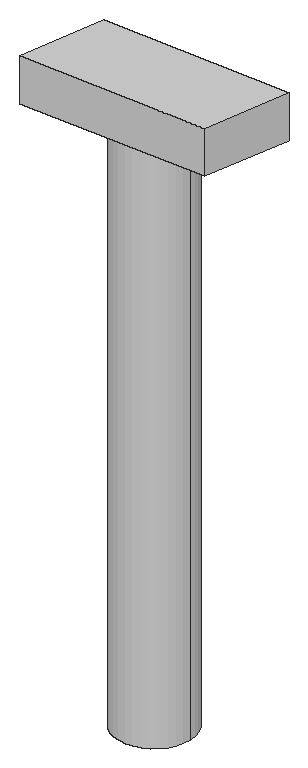
Revit family "ML_ML PANEL BOLT 5_1920259", category Generic Models, Revit 2018
Family settings
  Can host rebar = No
  Round Connector Dimension = Use Diameter
  Part Type = Normal
  OmniClass Number = 35.51.14.00
  OmniClass Title = FORMWORK
  Work Plane-Based = Yes
  Always vertical = No
  Cut with Voids When Loaded = No
  Shared = Yes
  Room Calculation Point = No
Parameters
  VERSION = "20170217"  # constant formula
  URL = "www.ulmaconstruction.com/en"
  UNICLASS = ""
  Manufacturer = "ULMA CONSTRUCTION"  # constant formula
  ITEM_CODE = "1920259"
  FILTER [instance] = ""
  Default Elevation = 0"
  CLASSIFICATION_TITLE = ""
  CLASSIFICATION_NUMBER = ""
Reference planes (in)
  plane 1 "Centro (Frontal/Posterior)": y = 0
  plane 2: z = 0
  plane 3 "Centro (Izquierda/Derecha)": x = 0
Forms (in)
  Extrusion 1, solid, material "ULMA ZINC", detail levels fine
    sketch origin (0, 0, 0) x (1, 0, 0) y (0, 1, 0)
      loop
        circle (0, 0) r 0.33465
    from 0 to -5
  Extrusion 2, solid, material "ULMA ZINC", detail levels fine
    sketch origin (0, 0, 0) x (1, 0, 0) y (0, 1, 0)
      loop
        line (-0.78636, 0.3937) -> (-0.9252, -0.3937) -> (0.78636, -0.3937) -> (0.9252, 0.3937) -> (-0.78636, 0.3937)
    from 0 to 0.3937
Cuts and joins
  joined: Extrusion 1, Extrusion 2
Dimensions and locks (in)
  aligned and locked: level to plane 2
